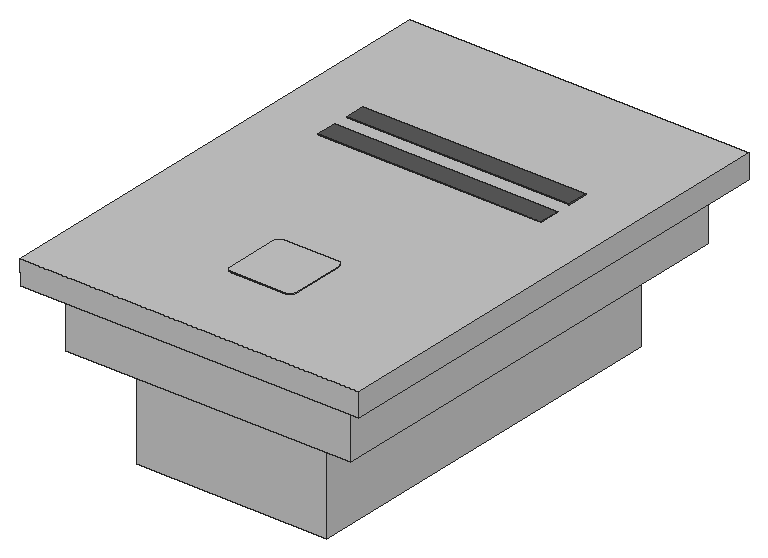
Revit family "Plumbing-Fix_Flush-Valve-Touchless_Stern_Nara", category Plumbing Fixtures, host Face, Revit 2026
Family settings
  Host = Face
  Round Connector Dimension = Use Diameter
  Part Type = Normal
  Classification Number = 23.45.05.14
  Enable Cutting in Views = No
  Cut with Voids When Loaded = No
  Maintain Annotation Orientation = No
  Shared = No
  Room Calculation Point = No
Parameters (values of type "Battery Pack")
  Waste Connection = no
  Warranty Duration (Years) = 2
  WFU = 0
  Vent Connection = no
  Unit Width = 0' - 7 1/8"
  Unit Height = 0' - 10 1/4"
  URL = "http://www.sternfaucets.com/"
  Type Comments = "as Specified"
  Standards Conformance = "as Specified"
  Specification = ""
  SpecWizard = ""
  Sales Information = "http://www.sternfaucets.com/contact-us/contact-us-int-l.html"
  Revision = "R1_2018-04"
  Product Properties = ""
  Product Features = "Dual Flush  ;  0.79 or 1.18 or 1.58 GPF  ;  24 Hr Auto Flush"
  Product Data = "http://www.arcat.com/arcatcos/cos50/arc50092.html"
  Power Supply = "9V Battery"
  Piping_Outlet Diameter [instance] = 1 1/2"
  Piping_Inlet Diameter = 1"
  Piping_Flow = 0 GPM
  Operating Temperature Range = "as Specified"
  Operating Pressure Range = "7.26 - 116 PSI  ;  0.5 - 8 bar"
  Model = "Nara 3002"
  Manufacturer Website = "http://www.sternfaucets.com/"
  Manufacturer Phone - Toll Free = "800-436-4410"
  Manufacturer Phone = ""
  Manufacturer Fax = ""
  Manufacturer Address = "777 Passaic Ave.  Clifton, NJ 07012"
  Manufacturer = "Stern Engineering"
  Maintenance Schedule (Months) = 0
  Keynote = ""
  Installation Phase = ""
  HWFU = 0
  HW Connection = no
  Green Building-LEED = ""
  GPF = 1.58
  Fixture Finish [instance] = Finish - Stern - Chrome
  Expected Lifespan (Years) = 0
  Drawn By = "Sumex Design, Inc. / Robert S. Weygant, CSI, CDT, SCIP"
  Description = "Stern Touchless Flush Valve - Nara 3002 as Specified"
  Default Elevation = 0' - 0"
  Cost = 0
  Copyright = "©Arcat Inc."
  Construction Details = ""
  CWFU = 1
  CW Connection = yes
  Body Construction = "Brass"
  Available Options = "as Specified"
  Assembly Code = "D2010300"
  Accent Color [instance] = Finish - Stern - Black
Types (2): name | Power Supply | Model | Description
  Battery Pack | "9V Battery" | "Nara 3002" | "Stern Touchless Flush Valve - Nara 3002 as Specified"
  Transformer | "9V Transformer" | "Nara 3002 E" | "Stern Touchless Flush Valve - Nara 3002 E as Specified"
Reference planes (in)
  plane 1 "Center (Front/Back)": y = 0
  plane 2: z = 0
  plane 3 "Center (Left/Right)": x = 0
Forms (in)
  Extrusion 1, solid, material "Finish - Stern - Chrome" <- "Fixture Finish"
    sketch origin (0, 0, 0) x (1, 0, 0) y (0, 1, 0)
      loop
        line (-3.5625, -5.125) -> (3.5625, -5.125) -> (3.5625, 5.125) -> (-3.5625, 5.125) -> (-3.5625, -5.125)
    from 0 to 0.5
  Extrusion 2, solid, material "Finish - Stern - Black" <- "Accent Color"
    sketch origin (0, 0, 0) x (1, 0, 0) y (0, 1, 0)
      loop
        line (-2.34375, 2.375) -> (-2.34375, 1.9375) -> (2.34375, 1.9375) -> (2.34375, 2.375) -> (-2.34375, 2.375)
      loop
        line (-2.34375, 1.625) -> (-2.34375, 1.1875) -> (2.34375, 1.1875) -> (2.34375, 1.625) -> (-2.34375, 1.625)
    from 0 to 0.50585
  Extrusion 3, solid, material "Finish - Stern - Chrome" <- "Fixture Finish"
    sketch origin (0, 0, 0) x (1, 0, 0) y (0, 1, 0)
      loop
        line (0.5625, -1.9375) -> (-0.5625, -1.9375)
        arc (-0.5625, -1.9375) -> (-0.65089, -1.97411) -> (-0.6875, -2.0625) r 0.125
        line (-0.6875, -2.0625) -> (-0.6875, -3.1875)
        arc (-0.6875, -3.1875) -> (-0.65089, -3.27589) -> (-0.5625, -3.3125) r 0.125
        line (-0.5625, -3.3125) -> (0.5625, -3.3125)
        arc (0.5625, -3.3125) -> (0.65089, -3.27589) -> (0.6875, -3.1875) r 0.125
        line (0.6875, -3.1875) -> (0.6875, -2.0625)
        arc (0.6875, -2.0625) -> (0.65089, -1.97411) -> (0.5625, -1.9375) r 0.125
    from 0 to 0.507
  Extrusion 4, solid, material "Finish - Stern - Chrome" <- "Fixture Finish"
    sketch origin (0, 0, 0) x (1, 0, 0) y (0, 1, 0)
      loop
        line (3, 4.75) -> (-3, 4.75) -> (-3, -4.625) -> (3, -4.625) -> (3, 4.75)
    from 0 to -1.25
  Extrusion 5, solid, material "Finish - Stern - Chrome" <- "Fixture Finish"
    sketch origin (0, 0, 0) x (0, 1, 0) y (0, 0, 1)
      loop
        line (-4, -1.25) -> (-4, -3.3125) -> (4.25, -3.3125) -> (4.25, -1.25) -> (-4, -1.25)
    from 2 to -2
  Extrusion 6, solid, material "Finish - Stern - Chrome" <- "Fixture Finish"
    sketch origin (0, 0, 0) x (0, 1, 0) y (0, 0, 1)
      loop
        circle (3.375, -2.25) r 0.5
    from -2.34375 to 0
  Extrusion 7, void
    sketch origin (0, 0, 0) x (1, 0, 0) y (0, 1, 0)
      loop
        line (-3, 4.75) -> (-3, -4.625) -> (3, -4.625) -> (3, 4.75) -> (-3, 4.75)
    from -3.3125 to 0
Dimensions and locks (in)
  aligned and locked: plane 2 to host face
  aligned and locked: level to host face
Connectors (in)
  piping at (-2.34375, 3.375, -2.25), diameter 1, driven by "Piping_Flow", driven by "Piping_Inlet Diameter"
    settings: on Extrusion 6, index 1, connector inside diameter 24", connector length 0' - 0", flow factor 0, pipe flow 0 GPM, pressure drop 0.00 psi, fitting loss kfactor 0, connector angle 0.00°, fixture units 0, engagement length 0' - 0", angle of deflection 0.00°, flow configuration 0, flow direction 1, fitting loss method 0, system type 20, joint type 0, gender type 0, connector reference index -1, connector utility 0, adjustable connector no, is connector primary yes, connector description "CW Inlet"
  piping at (0, -4, -2.28125), diameter 1.5
    settings: on Extrusion 5, index 2, connector inside diameter 24", connector length 0' - 0", flow factor 0, pipe flow 0 GPM, pressure drop 0.00 psi, fitting loss kfactor 0, connector angle 0.00°, fixture units 0, engagement length 0' - 0", angle of deflection 0.00°, flow configuration 0, flow direction 2, fitting loss method 0, system type 29, joint type 0, gender type 0, connector reference index -1, connector utility 0, adjustable connector no, is connector primary no, connector description "CW Outlet"
  electrical at (0, 0.125, -3.3125)
    settings: on Extrusion 5, index 3, voltage 0 V, apparent load 0 VA, apparent load phase1 0 VA, apparent load phase2 0 VA, apparent load phase3 0 VA, power factor 1, load classification "Other", number of poles 1, system type 13, power factor state 1, is connector primary yes, connector utility no, sub classification motor no, connector description ""
